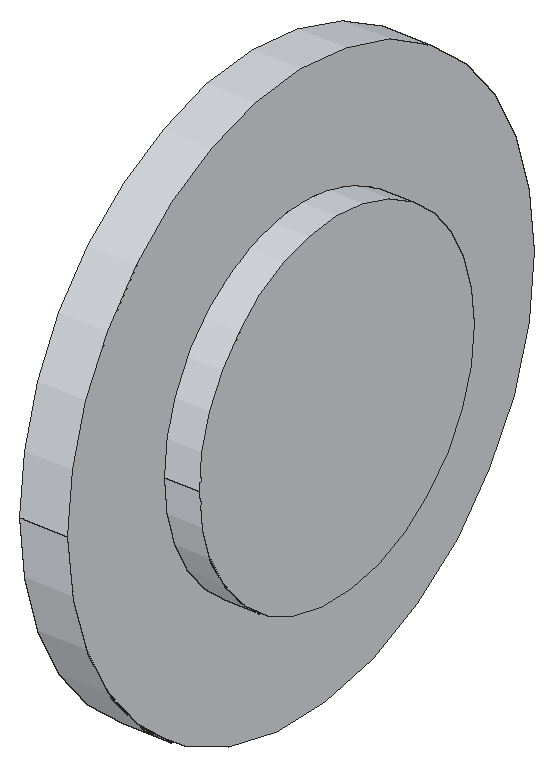
Revit family "M_Flange - Rosqueada - GI - Classe 25", category Conexões de tubo, Revit 2019
Family settings
  Cota do conector redondo = Usar raio
  Tipo de parte = Flange
  Número OmniClass = 23.60.30.11.14
  Título OmniClass = Pipework Fittings
  ID de item do Seek = Flange - Threaded - GI - Class 25-0000-CAN-ENU
  Com base no plano de trabalho = Não
  Sempre na vertical = Sim
  Corte com vazios quando carregada = Não
  Compartilhado = Não
Parameters (values of type "Padrão")
  Tamanho da marca de revisão [instance] = Diâmetro da flange * 0.4  # 91.6 mm
  Raio nominal [instance] = 50 mm
  Diâmetro nominal [instance] = Raio nominal * 2  # 100 mm
  Método de perda = Não definido
  Nome da tabela de pesquisa = "M_Flange - Threaded - GI - Class 25"
  Comprimento [instance] = size_lookup(Nome da tabela de pesquisa, "Lgt", 0.1 * Diâmetro nominal + 24.209 mm, Diâmetro nominal)  # 33 mm
  Raio do hub [instance] = Diâmetro do hub / 2  # 67.5 mm
  Diâmetro do hub [instance] = size_lookup(Nome da tabela de pesquisa, "HDia", 0.93 * Diâmetro nominal + 61.119 mm, Diâmetro nominal)  # 135 mm
  Espessura do flange [instance] = size_lookup(Nome da tabela de pesquisa, "FThk", 0.03 * Diâmetro nominal + 16.768 mm, Diâmetro nominal)  # 19 mm
  Raio da flange [instance] = Diâmetro da flange / 2  # 114.5 mm
  Diâmetro da flange [instance] = size_lookup(Nome da tabela de pesquisa, "FDia", 1.16 * Diâmetro nominal + 119.062 mm, Diâmetro nominal)  # 229 mm
Reference planes
  plane 1 "Centro (Frente/Trás)": y = 0
  plane 2: z = 0
  plane 3 "Centro (Esquerda/Direita)": x = 0
  plane 4: y = 91.6
  plane 5: y = -91.6
  plane 6: x = 19
  plane 7: x = 33
Forms (mm)
  Sweep 1, solid, detail levels fine
    path in 3D
      loop
        line (0, 0, 0) -> (19, 0, 0)
    profile origin (9.5, 0, 0) x (0, 1, 0) y (0, 0, 1)
      loop
        circle (0, 0) r 114.5
  Sweep 2, solid, detail levels fine
    path in 3D
      loop
        line (19, 0, 0) -> (33, 0, 0)
    profile origin (26, 0, 0) x (0, 1, 0) y (0, 0, 1)
      loop
        circle (0, 0) r 67.5
Cuts and joins
  joined: Sweep 1, Sweep 2
Lines and regions (mm)
  model lines, detail levels coarse+medium
    curve 1: line (0, 0, 0) -> (19, 0, 0)
    curve 2: line (19, 0, 0) -> (33, 0, 0)
    curve 5: line (19, 91.6, 0) -> (19, -91.6, 0)
  sketch lines
    curve 3: line (0, 0, 0) -> (19, 0, 0)
    curve 4: line (19, 0, 0) -> (33, 0, 0)
Dimensions and locks
  equal spacing: plane 4, plane 1 "Centro (Frente/Trás)", plane 5
  "Tamanho da marca de revisão": plane 4 to plane 1 "Centro (Frente/Trás)"
  "Espessura do flange": plane 3 "Centro (Esquerda/Direita)" to plane 6
  "Comprimento": plane 3 "Centro (Esquerda/Direita)" to plane 7
  "Raio da flange": radius of Sweep 1 sketch curve
  "Raio do hub": radius of Sweep 2 sketch curve
  aligned and locked: plane 3 "Centro (Esquerda/Direita)" to curve 1
  aligned and locked: plane 6 to curve 1
  aligned and locked: plane 1 "Centro (Frente/Trás)" to curve 1
  aligned and locked: plane 1 "Centro (Frente/Trás)" to curve 2
  aligned and locked: plane 7 to curve 2
  aligned and locked: plane 4 to curve 5
  aligned and locked: plane 5 to curve 5
  aligned and locked: curve 5 to plane 6
Automatic sketch dimensions
  Sweep 1 sketch curve to profile plane = 0 mm  (x2)
  Sweep 2 sketch curve to profile plane = 0 mm  (x2)
Connectors
  piping at (0, 0, 0), diameter 100, driven by "Raio nominal"
    settings: on cut or joined group of Sweep 1, Sweep 2, index 1, connector inside diameter 100 mm, connector length 0 mm, flow factor 0, pipe flow 0.0 L/s, pressure drop 0.0 Pa, fitting loss kfactor 0, connector angle 0.00°, fixture units 0, engagement length 0 mm, angle of deflection 0.00°, flow configuration 0, flow direction 0, fitting loss method 0, system type 28, joint type 0, gender type 0, connector reference index 2, connector utility 0, adjustable connector no, is connector primary yes, connector description ""
  piping at (33, 0, 0), diameter 100, driven by "Raio nominal"
    settings: on cut or joined group of Sweep 1, Sweep 2, index 2, connector inside diameter 100 mm, connector length 0 mm, flow factor 0, pipe flow 0.0 L/s, pressure drop 0.0 Pa, fitting loss kfactor 0, connector angle 0.00°, fixture units 0, engagement length 0 mm, angle of deflection 0.00°, flow configuration 0, flow direction 0, fitting loss method 0, system type 28, joint type 0, gender type 0, connector reference index 1, connector utility 0, adjustable connector no, is connector primary no, connector description ""
